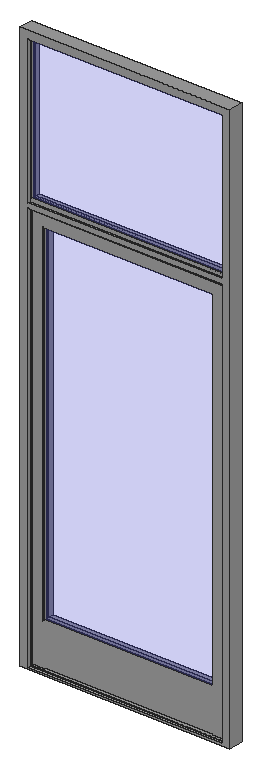
Revit family "SINGLE OUTSWINGING TERRACE DOOR WITH TRANSOM_Arc", category Doors, host Wall, Revit 2017
Family settings
  Host = Wall
  OmniClass Number = 23.30.10.00
  OmniClass Title = Doors
  Always vertical = Yes
  Cut with Voids When Loaded = No
  Shared = No
  Room Calculation Point = No
Parameters
  Wall Thickness [instance] = 0' - 6"
  URL = "obe.com"
  Transom Height = 3' - 0"
  Rough Width = Width + 0' 0 1/2"  # 4' - 0 1/2"
  Rough Height = Height + 0' 0 1/4"  # 11' - 0 1/4"
  Operable Height = 8' - 0"
  Offset Limitation [instance] = if((Offset + 0' 3 1/4") > Wall Thickness, (Wall Thickness - 0' 3 1/4"), Offset)  # 0' - 2 3/4"
  Offset [instance] = 1' - 0"
  Model = "TS-AS"
  Manufacturer = "Oldcastle BuildingEnvelope®"
  Keynote = "08 11 00"
  Glass Material = Glass
  Function = Interior
  Height = Operable Height + Transom Height  # 11' - 0"
  Wall Closure = By host
  Width = 4' - 0"
  Frame Material = Aluminum
  Description = "TERRASWING ACCESS-SINGLE OUTSWINGING TERRACE DOOR WITH TRANSOM"
  Assembly Code = "B2030"
  Analytic Construction = "<None>"
Reference planes (in)
  plane 1 "Center (Front/Back)": y = 0
  plane 2 "Center (Left/Right)": x = 0
  plane 3 "Left": x = -24.25
  plane 4 "Right": x = 24.25
  plane 5 "Top": z = 132.25
  plane 6 "Exterior": y = 3
  plane 7 "Interior": y = -3
  plane 8: z = 132
  plane 9: x = 24
  plane 10: x = -24
  plane 11: z = 0.25
  plane 12 "Offset": y = 0.25
  plane 13 "Center": z = 96
  plane 14: z = 131.3125
  plane 15: z = 96.68805
  plane 16: z = 92.43746
  plane 17: z = 10.3099
  plane 18: z = 48
  plane 19 "INT": y = -0.75
Forms (in)
  Sweep 1, solid, material "Aluminum" <- "Frame Material"
    path origin (0, 0.25, 0) x (1, 0, 0) y (0, 0, 1)
      loop
        line (-24, 0) -> (-24, 96)
    profile origin (-24, 0.25, 48) x (-1, 0, 0) y (0, -1, 0)
      loop
        line (0.25, 3.25) -> (-1.5, 3.25) -> (-1.5, 2.53172) -> (-1.75038, 2.53172) -> (-1.75038, 2.33397) -> (-1.00234, 2.33397) -> (-1.00234, 0.3035) -> (-0.1875, 0.3035) -> (-0.1875, 0) -> (0.25, 0) -> (0.25, 3.25)
  Sweep 2, solid, material "Aluminum" <- "Frame Material"
    path origin (0, 0.25, 0) x (1, 0, 0) y (0, 0, 1)
      loop
        line (24, 0) -> (24, 96)
    profile origin (24, 0.25, 48) x (-1, 0, 0) y (0, -1, 0)
      loop
        line (-0.25, 3.24926) -> (-0.25, 0) -> (0.18896, 0) -> (0.18896, 0.30259) -> (1, 0.30259) -> (1, 2.33358) -> (1.75, 2.33358) -> (1.75, 2.53108) -> (1.5, 2.53108) -> (1.5, 3.24926) -> (-0.25, 3.24926)
  Sweep 3, solid, material "Aluminum" <- "Frame Material"
    path origin (0, 0.25, 0) x (1, 0, 0) y (0, 0, 1)
      loop
        line (24, 96) -> (24, 132.25038)
    profile origin (24, 0.25, 114.12519) x (-1, 0, 0) y (0, -1, 0)
      loop
        line (1.50038, 3.24979) -> (-0.25, 3.24979) -> (-0.25, 0) -> (0.18731, 0) -> (0.18731, 0.30326) -> (1.75038, 0.30326) -> (1.75038, 1.20904) -> (1.18876, 1.20904) -> (1.18876, 2.20883) -> (1.75038, 2.20883) -> (1.75038, 2.53117) -> (1.50038, 2.53117) -> (1.50038, 3.24979)
  Extrusion 4, solid, material "Glass" <- "Glass Material"
    sketch origin (0, 0, 0) x (1, 0, 0) y (0, 1, 0)
      loop
        line (-19.9385, -0.75) -> (-19.9385, -1.75) -> (19.9385, -1.75) -> (19.9385, -0.75) -> (-19.9385, -0.75)
    from 10.3099 to 92.43746
  Extrusion 5, solid, material "Glass" <- "Glass Material"
    sketch origin (0, 0, 0) x (1, 0, 0) y (0, 1, 0)
      loop
        line (-22.81195, -1.95904) -> (22.81124, -1.95904) -> (22.81124, -0.95904) -> (-22.81195, -0.95904) -> (-22.81195, -1.95904)
    from 96.68805 to 131.3125
  Sweep 6, solid, material "Aluminum" <- "Frame Material"
    path origin (0, 0.25, 0) x (1, 0, 0) y (0, 0, 1)
      loop
        line (24.25, 132) -> (-24.25, 132)
    profile origin (0, 0.25, 132) x (0, 0, -1) y (0, -1, 0)
      loop
        line (-0.25, 3.25) -> (-0.25, 0) -> (0.1875, 0) -> (0.1875, 0.3035) -> (1.75, 0.3035) -> (1.75, 1.20904) -> (1.18805, 1.20904) -> (1.18805, 2.20904) -> (1.75, 2.20904) -> (1.75, 2.53172) -> (1.5, 2.53172) -> (1.5, 3.25) -> (-0.25, 3.25)
  Sweep 7, solid, material "Aluminum" <- "Frame Material"
    path origin (0, 0.25, 0) x (1, 0, 0) y (0, 0, 1)
      loop
        line (24, 96) -> (-24, 96)
    profile origin (0, 0.25, 96) x (0, 0, -1) y (0, -1, 0)
      loop
        line (-1.24999, 2.53195) -> (-1.24999, 2.20926) -> (-0.68805, 2.20926) -> (-0.68805, 1.20926) -> (-1.24999, 1.20926) -> (-1.24999, 0.30372) -> (-0.30329, 0.30372) -> (-0.13728, 0.00022) -> (0.00001, 0.00022) -> (0.00001, 0.30372) -> (0.50001, 0.30372) -> (0.50001, 2.33419) -> (1.25001, 2.33419) -> (1.25001, 2.53195) -> (0.50001, 2.53195) -> (0.50001, 3.25022) -> (-0.49999, 3.25022) -> (-0.49999, 2.53195) -> (-1.24999, 2.53195)
  Sweep 8, solid, material "Aluminum" <- "Frame Material"
    path origin (0, 0.25, 0) x (1, 0, 0) y (0, 0, 1)
      loop
        line (23, 0.25) -> (-22.99766, 0.25)
    profile origin (0.00117, 0.25, 0.25) x (0, 0, -1) y (0, -1, 0)
      loop
        line (0.25, 0) -> (0.25, 3.25004) -> (0, 3.25004) -> (-0.25404, 2.74196) -> (-0.31515, 2.67947) -> (-0.31515, 0.64294) -> (0.00632, 0) -> (0.25, 0)
  Sweep 9, solid, material "Aluminum" <- "Frame Material"
    path origin (0, 0.25, 0) x (1, 0, 0) y (0, 0, 1)
      loop
        line (-24, 132.25038) -> (-24, 96)
    profile origin (-24, 0.25, 114.12519) x (0, -1, 0) y (1, 0, 0)
      loop
        line (3.25, 1.5) -> (2.53172, 1.5) -> (2.53172, 1.75038) -> (2.20904, 1.75038) -> (2.20904, 1.18805) -> (1.20904, 1.18805) -> (1.20904, 1.75038) -> (0.3035, 1.75038) -> (0.3035, 0.1875) -> (0, 0.1875) -> (0, -0.25) -> (3.25, -0.25) -> (3.25, 1.5)
  Sweep 10, solid, material "Aluminum" <- "Frame Material"
    path origin (0, 0.25, 0) x (1, 0, 0) y (0, 0, 1)
      loop
        line (-23.25, 96) -> (23.24999, 96)
    profile origin (-0.00001, 0.25, 96) x (0, 0, 1) y (0, -1, 0)
      loop
        line (-0.95273, 0.16572) -> (-0.95273, 1.1619) -> (-1.25806, 1.1619) -> (-1.25806, 2.10678) -> (-1.00025, 2.10678) -> (-1.00025, 2.25004) -> (-4.06277, 2.25004) -> (-4.06277, 2.00004) -> (-3.56277, 2.00004) -> (-3.56277, 1.00004) -> (-4.06277, 1.00004) -> (-4.06277, 0.00004) -> (-0.25026, 0.00004) -> (-0.25026, 0.16572) -> (-0.95273, 0.16572)
  Sweep 11, solid, material "Aluminum" <- "Frame Material"
    path origin (0, 0.25, 0) x (1, 0, 0) y (0, 0, 1)
      loop
        line (23.24999, 0) -> (-23.25, 0)
    profile origin (-0.00001, 0.25, 0) x (0, 0, -1) y (0, -1, 0)
      loop
        line (-10.80985, 0.00007) -> (-0.76261, 0.00007) -> (-0.76261, 1.16187) -> (-1.06767, 1.16187) -> (-1.06767, 2.10675) -> (-0.80985, 2.10675) -> (-0.80985, 2.25004) -> (-10.80985, 2.25004) -> (-10.80985, 2.00007) -> (-10.30985, 2.00007) -> (-10.30985, 1.00007) -> (-10.80985, 1.00007) -> (-10.80985, 0.00007)
  Sweep 12, solid, material "Aluminum" <- "Frame Material"
    path origin (0, 0.25, 0) x (1, 0, 0) y (0, 0, 1)
      loop
        line (24.25, 0.76261) -> (24.25, 95.75002)
    profile origin (24.25, 0.25, 48.25632) x (-1, 0, 0) y (0, -1, 0)
      loop
        line (4.8125, 2.00004) -> (4.8125, 2.25) -> (1.75, 2.25) -> (1.75, 2.10671) -> (2.00782, 2.10671) -> (2.00782, 1.16183) -> (1.70318, 1.16183) -> (1.70318, 0.16569) -> (1.00001, 0.16569) -> (1.00001, 0) -> (4.8125, 0) -> (4.8125, 1.008) -> (4.3115, 1.008) -> (4.3115, 2.00004) -> (4.8125, 2.00004)
  Sweep 13, solid, material "Aluminum" <- "Frame Material"
    path origin (0, 0.25, 0) x (1, 0, 0) y (0, 0, 1)
      loop
        line (-24, 0.76261) -> (-24, 95.75002)
    profile origin (-24, 0.25, 48.25632) x (-1, 0, 0) y (0, -1, 0)
      loop
        line (-0.75, 0.16565) -> (-1.45276, 0.16565) -> (-1.45276, 1.16183) -> (-1.75782, 1.16183) -> (-1.75782, 2.10671) -> (-1.5, 2.10671) -> (-1.5, 2.25) -> (-4.5625, 2.25) -> (-4.5625, 2) -> (-4.0615, 2) -> (-4.0615, 1.00004) -> (-4.5625, 1.00004) -> (-4.5625, 0) -> (-0.75, 0) -> (-0.75, 0.16565)
  Sweep 14, void
    path origin (0, 0.25, 0) x (1, 0, 0) y (0, 0, 1)
      loop
        line (23.24999, 0.25) -> (-23.25, 0.25)
    profile origin (-0.00001, 0.25, 0.25) x (0, 0, -1) y (0, -1, 0)
      loop
        line (-0.51261, 2.10671) -> (-0.81767, 2.10671) -> (-0.81767, 1.16183) -> (-0.51261, 1.16183) -> (-0.51261, 2.10671)
  Sweep 15, void
    path origin (0, 0.25, 0) x (1, 0, 0) y (0, 0, 1)
      loop
        line (23.5, 0.76261) -> (23.5, 96) -> (-23.5, 96) -> (-23.5, 0.76261)
    profile origin (0, 0.25, 96) x (0, 0, -1) y (0, -1, 0)
      loop
        line (0.95273, 0.16572) -> (0.95273, 1.16187) -> (1.2578, 1.16187) -> (1.2578, 2.10675) -> (0.99998, 2.10675) -> (0.99998, 2.25004) -> (0.24999, 2.25004) -> (0.24999, 0.16572) -> (0.95273, 0.16572)
Cuts and joins
  Sweep 14 cuts Sweep 1
  Sweep 14 cuts Sweep 2
  Sweep 14 cuts Sweep 3
  Sweep 14 cuts Sweep 6
  Sweep 14 cuts Sweep 7
  Sweep 14 cuts Sweep 8
  Sweep 14 cuts Sweep 9
  joined: Sweep 1, Sweep 2, Sweep 3, Sweep 6, Sweep 7, Sweep 8, Sweep 9
  Sweep 14, Sweep 15 cuts Sweep 10
  Sweep 14, Sweep 15 cuts Sweep 11
  Sweep 14, Sweep 15 cuts Sweep 12
  Sweep 14, Sweep 15 cuts Sweep 13
  joined: Sweep 10, Sweep 11, Sweep 12, Sweep 13
Lines and regions (in)
  Opening 1
    outline origin (-90, -3, 0) x (1, 0, 0) y (0, 0, 1)
      loop
        line (65.75, 0) -> (114.25, 0) -> (114.25, 132.25) -> (65.75, 132.25) -> (65.75, 0)
  model lines, style "DoorsHiddenLines"
    curve 1: line (-19.4375, -0.75, 91.93746) -> (19.4375, -0.75, 48)
    curve 2: line (19.4375, -0.75, 48) -> (-19.4375, -0.75, 10.8109)
Text (in)
  text "Exterior" at (-74.96733, 27.31104, 0), in view "Ref. Level"
  text "Interior" at (-74.96733, -25.14366, 0), in view "Ref. Level"
  text "Exterior" at (0, 40.15149, 123.01588), in view "Right"
  text "Interior" at (0, -64.39139, 123.01588), in view "Right"
  text "Interior" at (0, -31.01599, 123.00693), in view "Left"
  text "Exterior" at (0, 54.57065, 123.00693), in view "Left"
Dimensions and locks (in)
  equal spacing: plane 3 "Left", plane 2 "Center (Left/Right)", plane 4 "Right"
  locked: level to plane 11 at 0.25
  locked: plane 9 to plane 4 "Right" at 0.25
  "Width": plane 10 to plane 9
  "Rough Width": plane 3 "Left" to plane 4 "Right"
  "Offset Limitation": plane 12 "Offset" to plane 6 "Exterior"
  "Wall Thickness": host wall to host wall
  equal spacing: level, plane 18, plane 13 "Center"
  locked: plane 12 "Offset" to plane 19 "INT" at 1
  locked: plane 3 "Left" to Extrusion 4 sketch curve at 4.3115
  locked: Extrusion 4 sketch curve to plane 4 "Right" at 4.3115
  locked: plane 3 "Left" to Extrusion 5 sketch curve at 1.43805
  locked: Sweep 12 sketch curve to plane 15 at 0.93803
  locked: level to Sweep 12 sketch curve at 0.76261
  locked: Sweep 13 sketch curve to plane 15 at 0.93803
  locked: level to Sweep 13 sketch curve at 0.76261
  locked: plane 3 "Left" to Sweep 10 sketch curve at 1
  locked: Sweep 10 sketch curve to plane 4 "Right" at 1.00001
  locked: plane 3 "Left" to Sweep 8 sketch curve at 1.25234
  locked: Sweep 8 sketch curve to plane 4 "Right" at 1.25
  Extrusion 4 sketch curve to Extrusion 4 sketch curve to plane 12 "Offset" = 0' - 1" locked, 0' - 1" locked
  Extrusion 5 sketch curve to Extrusion 5 sketch curve to plane 12 "Offset" = 0' - 1" locked, 0' - 1.20904" locked
  plane 16 to plane 13 "Center" to plane 15 = 0' - 3.56254", 0' - 0.68805"
  locked: plane 17 to level at 10.3099
  plane 14 to plane 8 = 0' - 0 11/16"
  locked: plane 10 to Sweep 11 sketch curve at 0.75
  locked: Sweep 11 sketch curve to plane 9 at 0.75001
  locked: Sweep 14 sketch curve to plane 9 at 0.75001
  locked: plane 10 to Sweep 14 sketch curve at 0.75
  "Operable Height": level to plane 13 "Center"
  "Rough Height": level to plane 5 "Top"
  "Transom Height": plane 13 "Center" to plane 8
  locked: level to Sweep 15 sketch curve at 0.76261  (x2)
  locked: plane 10 to Sweep 15 sketch curve at 0.5
  locked: Sweep 15 sketch curve to plane 9 at 0.5
  aligned and locked: plane 3 "Left" to Opening 1 sketch curve
  aligned and locked: plane 5 "Top" to Opening 1 sketch curve  (x2)
  aligned and locked: Opening 1 sketch curve to plane 4 "Right"
  aligned and locked: Opening 1 sketch curve to level
  aligned and locked: plane 6 "Exterior" to host wall
  aligned and locked: plane 7 "Interior" to host wall
  aligned and locked: plane 16 to Extrusion 4
  aligned and locked: Extrusion 5 to plane 15
  aligned and locked: Sweep 10 sketch curve to plane 13 "Center"
  aligned and locked: Sweep 11 sketch curve to level
  aligned and locked: plane 4 "Right" to Sweep 12 sketch curve
  aligned and locked: plane 18 to curve 2
  aligned and locked: plane 9 to Sweep 7 sketch curve
  aligned and locked: plane 10 to Sweep 7 sketch curve
  aligned and locked: plane 14 to Extrusion 5
  aligned and locked: Extrusion 4 to plane 17
  aligned and locked: plane 11 to Sweep 14 sketch curve
  aligned and locked: plane 13 "Center" to Sweep 15 sketch curve
Automatic sketch dimensions
  plane 10 to Sweep 1 sketch curve = 0' - 0"
  Sweep 1 sketch curve to level = 0' - 0"
  Sweep 1 sketch curve to plane 13 "Center" = 0' - 0"
  plane 9 to Sweep 2 sketch curve = 0' - 0"
  Sweep 2 sketch curve to level = 0' - 0"
  Sweep 2 sketch curve to plane 13 "Center" = 0' - 0"
  plane 9 to Sweep 3 sketch curve = 0' - 0"
  Sweep 3 sketch curve to plane 13 "Center" = 0' - 0"
  Sweep 3 sketch curve to plane 5 "Top" = 0' - 0.00038"
  plane 3 "Left" to Sweep 6 sketch curve = 0' - 0"
  plane 4 "Right" to Sweep 6 sketch curve = 0' - 0"
  Sweep 6 sketch curve to plane 8 = 0' - 0"
  Sweep 7 sketch curve to plane 13 "Center" = 0' - 0"
  plane 10 to Sweep 9 sketch curve = 0' - 0"
  Sweep 9 sketch curve to plane 13 "Center" = 0' - 0"
  Sweep 9 sketch curve to plane 5 "Top" = 0' - 0.00038"
  plane 9 to curve 2 = 0' - 4 9/16"
  curve 1 to plane 16 = 0' - 0 1/2"
  curve 1 to plane 10 = 0' - 4 9/16"
  curve 2 to plane 10 = 0' - 4 9/16"
  plane 17 to curve 2 = 0' - 0.501"
  plane 10 to Sweep 13 sketch curve = 0' - 0"
  plane 9 to Extrusion 5 sketch curve = 0' - 1.18876"
  Sweep 8 sketch curve to plane 11 = 0' - 0"
  profile plane to Sweep 1 sketch curve = 0' - 1.75038"
  Sweep 1 sketch curve to Sweep 1 sketch curve = 0' - 0.25038"
  Sweep 1 sketch curve to Sweep 1 sketch curve = 0' - 0.49766"
  profile plane to Sweep 1 sketch curve = 0' - 0 3/16"
  Sweep 1 sketch curve to profile plane = 0' - 0 1/4"
  Sweep 1 sketch curve to plane 12 "Offset" = 0' - 0"
  Sweep 1 sketch curve to Sweep 1 sketch curve = 0' - 0.3035"
  plane 12 "Offset" to Sweep 1 sketch curve = 0' - 2.33397"
  Sweep 1 sketch curve to Sweep 1 sketch curve = 0' - 0.19776"
  Sweep 1 sketch curve to Sweep 1 sketch curve = 0' - 0.71828"
  profile plane to Sweep 2 sketch curve = 0' - 0 1/4"
  Sweep 2 sketch curve to profile plane = 0' - 0.18896"
  Sweep 2 sketch curve to Sweep 2 sketch curve = 0' - 0.81104"
  Sweep 2 sketch curve to Sweep 2 sketch curve = 0' - 0 1/2"
  Sweep 2 sketch curve to Sweep 2 sketch curve = 0' - 0 1/4"
  Sweep 2 sketch curve to plane 12 "Offset" = 0' - 0"
  plane 12 "Offset" to Sweep 2 sketch curve = 0' - 0.30259"
  plane 12 "Offset" to Sweep 2 sketch curve = 0' - 2.33358"
  Sweep 2 sketch curve to Sweep 2 sketch curve = 0' - 0.1975"
  Sweep 2 sketch curve to Sweep 2 sketch curve = 0' - 0.71818"
  Sweep 13 sketch curve to plane 12 "Offset" = 0' - 0"
  profile plane to Sweep 13 sketch curve = 0' - 4 9/16"
  Sweep 13 sketch curve to Sweep 13 sketch curve = 0' - 0"
  Sweep 13 sketch curve to Sweep 13 sketch curve = 0' - 0.501"
  profile plane to Sweep 13 sketch curve = 0' - 1 1/2"
  Sweep 13 sketch curve to Sweep 13 sketch curve = 0' - 0.70276"
  Sweep 13 sketch curve to Sweep 13 sketch curve = 0' - 0.16565"
  Sweep 13 sketch curve to Sweep 13 sketch curve = 0' - 0.99996"
  Sweep 13 sketch curve to Sweep 13 sketch curve = 0' - 0 1/4"
  Sweep 12 sketch curve to profile plane = 0' - 1"
  Sweep 12 sketch curve to Sweep 12 sketch curve = 0' - 0.70316"
  Sweep 12 sketch curve to Sweep 12 sketch curve = 0' - 2.60832"
  Sweep 12 sketch curve to Sweep 12 sketch curve = 0' - 0.501"  (x2)
  plane 12 "Offset" to Sweep 12 sketch curve = 0' - 1.008"
  plane 12 "Offset" to Sweep 12 sketch curve = 0' - 0.16569"
  Sweep 12 sketch curve to plane 12 "Offset" = 0' - 0"
  Sweep 12 sketch curve to Sweep 12 sketch curve = 0' - 0.24996"
  Sweep 9 sketch curve to profile plane = 0' - 0 3/16"
  Sweep 9 sketch curve to plane 12 "Offset" = 0' - 0"
  Sweep 9 sketch curve to Sweep 9 sketch curve = 0' - 0.3035"
  plane 12 "Offset" to Sweep 9 sketch curve = 0' - 1.20904"
  Sweep 9 sketch curve to Sweep 9 sketch curve = 0' - 1"
  Sweep 9 sketch curve to Sweep 9 sketch curve = 0' - 0.32269"
  Sweep 9 sketch curve to Sweep 9 sketch curve = 0' - 0.71828"
  profile plane to Sweep 9 sketch curve = 0' - 0 1/4"
  Sweep 9 sketch curve to profile plane = 0' - 1.18805"
  Sweep 9 sketch curve to Sweep 9 sketch curve = 0' - 0.31195"
  Sweep 9 sketch curve to Sweep 9 sketch curve = 0' - 0.56233"
  Sweep 9 sketch curve to Sweep 9 sketch curve = 0' - 0.25038"
  plane 12 "Offset" to Sweep 11 sketch curve = 0' - 0.00007"
  profile plane to Sweep 11 sketch curve = 0' - 10.80985"
  Sweep 11 sketch curve to Sweep 11 sketch curve = 0' - 0"
  Sweep 11 sketch curve to Sweep 11 sketch curve = 0' - 0 1/2"
  plane 12 "Offset" to Sweep 11 sketch curve = 0' - 1.00007"
  plane 12 "Offset" to Sweep 11 sketch curve = 0' - 2.00007"
  plane 12 "Offset" to Sweep 11 sketch curve = 0' - 2.25004"
  plane 12 "Offset" to Sweep 8 sketch curve = 0' - 3.25004"
  profile plane to Sweep 8 sketch curve = 0' - 0.31515"
  Sweep 8 sketch curve to profile plane = 0' - 0"
  Sweep 8 sketch curve to profile plane = 0' - 0.00632"
  Sweep 8 sketch curve to profile plane = 0' - 0 1/4"
  plane 12 "Offset" to Sweep 8 sketch curve = 0' - 2.74196"
  Sweep 8 sketch curve to Sweep 8 sketch curve = 0' - 2.03653"
  Sweep 8 sketch curve to Sweep 8 sketch curve = 0' - 0.64294"
  profile plane to Sweep 10 sketch curve = 0' - 4.06277"
  Sweep 10 sketch curve to Sweep 10 sketch curve = 0' - 0"
  Sweep 10 sketch curve to Sweep 10 sketch curve = 0' - 0 1/2"
  profile plane to Sweep 10 sketch curve = 0' - 0.95273"
  profile plane to Sweep 10 sketch curve = 0' - 0.25026"
  plane 12 "Offset" to Sweep 10 sketch curve = 0' - 1.00004"
  plane 12 "Offset" to Sweep 10 sketch curve = 0' - 0.16572"
  Sweep 10 sketch curve to Sweep 10 sketch curve = 0' - 0.16569"
  Sweep 10 sketch curve to Sweep 10 sketch curve = 0' - 0 1/4"
  plane 12 "Offset" to Sweep 3 sketch curve = 0' - 0"
  profile plane to Sweep 3 sketch curve = 0' - 0 1/4"
  Sweep 3 sketch curve to profile plane = 0' - 0.18731"
  Sweep 3 sketch curve to profile plane = 0' - 1.18876"
  Sweep 3 sketch curve to Sweep 3 sketch curve = 0' - 0.31161"
  Sweep 3 sketch curve to Sweep 3 sketch curve = 0' - 0.56161"
  Sweep 3 sketch curve to Sweep 3 sketch curve = 0' - 0 1/4"
  plane 12 "Offset" to Sweep 3 sketch curve = 0' - 0.30326"
  Sweep 3 sketch curve to Sweep 3 sketch curve = 0' - 0.90577"
  Sweep 3 sketch curve to Sweep 3 sketch curve = 0' - 0.99979"
  Sweep 3 sketch curve to Sweep 3 sketch curve = 0' - 0.32235"
  Sweep 3 sketch curve to Sweep 3 sketch curve = 0' - 0.71862"
  Sweep 10 sketch curve to Sweep 10 sketch curve = 0' - 0.99618"
  Sweep 10 sketch curve to Sweep 10 sketch curve = 0' - 0.94488"
  Sweep 10 sketch curve to Sweep 10 sketch curve = 0' - 0.04751"
  Sweep 10 sketch curve to Sweep 10 sketch curve = 0' - 1.08813"
  Sweep 10 sketch curve to Sweep 10 sketch curve = 0' - 0 33/128"
  Sweep 7 sketch curve to profile plane = 0' - 0"
  plane 12 "Offset" to Sweep 7 sketch curve = 0' - 0.00022"
  profile plane to Sweep 7 sketch curve = 0' - 0.13728"
  profile plane to Sweep 7 sketch curve = 0' - 0.30329"
  profile plane to Sweep 7 sketch curve = 0' - 0 1/2"
  Sweep 7 sketch curve to Sweep 7 sketch curve = 0' - 0.18806"
  Sweep 7 sketch curve to Sweep 7 sketch curve = 0' - 0.56194"  (x2)
  Sweep 7 sketch curve to profile plane = 0' - 0 1/2"  (x2)
  Sweep 7 sketch curve to Sweep 7 sketch curve = 0' - 0 3/4"
  plane 12 "Offset" to Sweep 7 sketch curve = 0' - 0.30372"
  Sweep 7 sketch curve to Sweep 7 sketch curve = 0' - 0"
  Sweep 7 sketch curve to Sweep 7 sketch curve = 0' - 0.90554"
  Sweep 7 sketch curve to Sweep 7 sketch curve = 0' - 1"
  Sweep 7 sketch curve to Sweep 7 sketch curve = 0' - 0.12493"
  Sweep 7 sketch curve to Sweep 7 sketch curve = 0' - 0.19776"
  Sweep 7 sketch curve to Sweep 7 sketch curve = 0' - 0.32269"
  Sweep 7 sketch curve to Sweep 7 sketch curve = 0' - 0.71828"
  Sweep 11 sketch curve to Sweep 11 sketch curve = 0' - 0.30506"
  Sweep 11 sketch curve to Sweep 11 sketch curve = 0' - 0.14329"
  Sweep 11 sketch curve to Sweep 11 sketch curve = 0' - 0 33/128"
  Sweep 11 sketch curve to Sweep 11 sketch curve = 0' - 1.08817"
  profile plane to Sweep 11 sketch curve = 0' - 0.76261"
  Sweep 8 sketch curve to plane 12 "Offset" = 0' - 0"
  Sweep 8 sketch curve to Sweep 8 sketch curve = 0' - 0.06111"
  Sweep 12 sketch curve to Sweep 12 sketch curve = 0' - 0.30464"
  Sweep 12 sketch curve to Sweep 12 sketch curve = 0' - 0.99614"
  Sweep 12 sketch curve to Sweep 12 sketch curve = 0' - 0.94488"
  Sweep 12 sketch curve to Sweep 12 sketch curve = 0' - 0.04682"
  Sweep 12 sketch curve to Sweep 12 sketch curve = 0' - 0.14329"
  Sweep 13 sketch curve to Sweep 13 sketch curve = 0' - 0.99618"
  Sweep 13 sketch curve to Sweep 13 sketch curve = 0' - 0.94488"
  Sweep 13 sketch curve to Sweep 13 sketch curve = 0' - 0.04724"
  Sweep 13 sketch curve to Sweep 13 sketch curve = 0' - 0 33/128"
  Sweep 13 sketch curve to Sweep 13 sketch curve = 0' - 0.14329"
  plane 12 "Offset" to Sweep 14 sketch curve = 0' - 1.16183"
  profile plane to Sweep 14 sketch curve = 0' - 0.81767"
  profile plane to Sweep 14 sketch curve = 0' - 0.51261"
  Sweep 14 sketch curve to Sweep 14 sketch curve = 0' - 0.94488"
  Sweep 6 sketch curve to plane 12 "Offset" = 0' - 0"
  profile plane to Sweep 6 sketch curve = 0' - 0 1/4"
  Sweep 6 sketch curve to profile plane = 0' - 0 3/16"
  Sweep 6 sketch curve to profile plane = 0' - 1.18805"
  Sweep 6 sketch curve to Sweep 6 sketch curve = 0' - 0.31195"
  Sweep 6 sketch curve to Sweep 6 sketch curve = 0' - 0 1/4"
  plane 12 "Offset" to Sweep 6 sketch curve = 0' - 0.3035"
  Sweep 6 sketch curve to Sweep 6 sketch curve = 0' - 0.56195"
  Sweep 6 sketch curve to Sweep 6 sketch curve = 0' - 0.90554"
  Sweep 6 sketch curve to Sweep 6 sketch curve = 0' - 1"
  Sweep 6 sketch curve to Sweep 6 sketch curve = 0' - 0.32269"
  Sweep 6 sketch curve to Sweep 6 sketch curve = 0' - 1.04096"
  Sweep 15 sketch curve to Sweep 15 sketch curve = 0' - 0.99614"
  Sweep 15 sketch curve to Sweep 15 sketch curve = 0' - 0.30506"
  plane 12 "Offset" to Sweep 15 sketch curve = 0' - 0.16572"
  Sweep 15 sketch curve to Sweep 15 sketch curve = 0' - 0 3/4"
  Sweep 15 sketch curve to Sweep 15 sketch curve = 0' - 0 33/128"
  Sweep 15 sketch curve to Sweep 15 sketch curve = 0' - 0.94488"
  Sweep 15 sketch curve to Sweep 15 sketch curve = 0' - 0.14329"
  Sweep 15 sketch curve to profile plane = 0' - 0 1/4"
